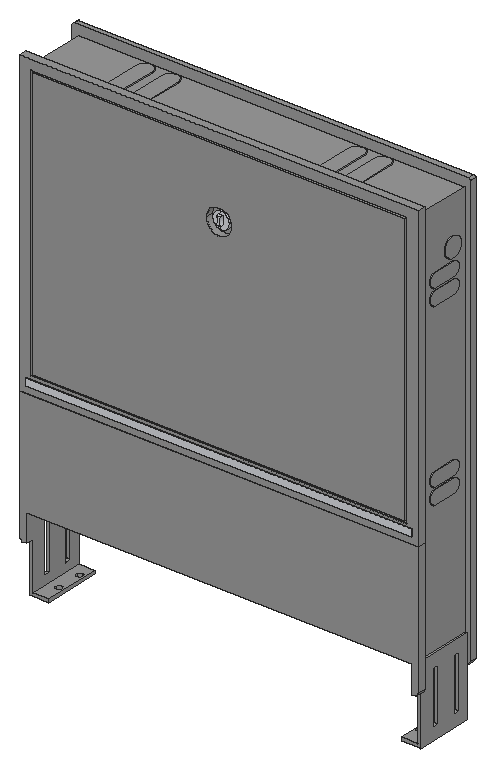
Revit family "PA_Viega-Fonterra-Concealed-manifold-cabinet-595x750_PC692186", category Pipe Accessories, Revit 2016
Family settings
  Part Type = Normal
  Round Connector Dimension = Use Diameter
  Work Plane-Based = No
  Always vertical = Yes
  Cut with Voids When Loaded = No
  Shared = No
Parameters (values of type "PA_692186-Viega Fonterra Concealed manifold cabinet")
  URL for TCP = "http://www.tcpbim.co.za"
  URL = "http://www.viega.com/catalog/en_COM/R1_Fonterra_radiant_heating_and_cooling/Manifolds_regulators/Manifold_cabinets/Fonterra_Concealed_manifold_cabinet_2/20363.html"
  Type Comments = "692 186"
  Model = "1294.3"
  Manufacturer = "Viega"
  Made by = "Tolani Civil Projects cc"
  Description = "Fonterra Concealed manifold cabinet"
Reference planes
  plane 1 "Center (Front/Back)": y = 0
  plane 2: z = 0
  plane 3 "Center (Left/Right)": x = 0
  plane 4: x = 287.5
  plane 5: x = -287.5
  plane 6: z = 750
  plane 7: z = 120
  plane 8: x = -297.5
  plane 9: x = 297.5
  plane 10: y = 55
  plane 11: y = -55
  plane 12: z = 285.73
  plane 13: z = 735.73
Forms (mm)
  Extrusion 1, solid, material "Zinc"
    sketch origin (0, 0, 0) x (1, 0, 0) y (0, 0, 1)
      loop
        line (-307.5, 750) -> (-307.5, 285.73) -> (307.5, 285.73) -> (307.5, 750) -> (-307.5, 750)
    from 43.644 to 55
  Extrusion 2, void
    sketch origin (0, 0, 20) x (1, 0, 0) y (0, 0, 1)
      loop
        line (-291.25, 715) -> (-291.25, 291.412) -> (290, 291.412) -> (290, 715) -> (-291.25, 715)
      loop
        line (-287.562, 711.057) -> (-287.562, 294.405) -> (286.734, 294.405) -> (286.734, 711.057) -> (-287.562, 711.057)
    from 46.424 to 57.257
  Extrusion 3, void
    sketch origin (0, 0, -45) x (1, 0, 0) y (0, 0, 1)
      loop
        circle (0, 671.736) r 20
    from 36.009 to 57.923
  Extrusion 4, solid
    sketch origin (0, 0, -44.375) x (1, 0, 0) y (0, 0, 1)
      loop
        circle (-0.23, 670.988) r 12.481
    from 36.009 to 50.983
  Extrusion 5, solid
    sketch origin (0, 0, -44.375) x (1, 0, 0) y (0, 0, 1)
      loop
        arc (-3.348, 679.136) -> (-1.458, 672.649) -> (-3.348, 666.162) r 12.079
        line (-3.348, 666.162) -> (2.966, 666.162)
        arc (2.966, 666.162) -> (1.411, 672.649) -> (2.966, 679.136) r 14.31
        line (2.966, 679.136) -> (-3.348, 679.136)
    from 46.424 to 56.294
  Extrusion 6, solid, material "Zinc"
    sketch origin (0, 0, 0) x (1, 0, 0) y (0, 0, 1)
      loop
        line (-297.5, 285.73) -> (-297.5, 120) -> (297.5, 120) -> (297.5, 285.73) -> (-297.5, 285.73)
    from -55 to 55
  Extrusion 7, solid, material "Zinc"
    sketch origin (0, 0, 0) x (0, 1, 0) y (0, 0, 1)
      loop
        line (55, 735.73) -> (-43.644, 735.73) -> (-43.644, 285.73) -> (55, 285.73) -> (55, 735.73)
    from -297.5 to 297.5
  Extrusion 8, solid, material "Zinc"
    sketch origin (0, 0, 0) x (1, 0, 0) y (0, 0, 1)
      loop
        line (307.5, 735.73) -> (307.5, 747.292)
        arc (307.5, 747.292) -> (306.336, 749.102) -> (304.381, 750) r 3.834
        line (304.381, 750) -> (-304.303, 750)
        arc (-304.303, 750) -> (-306.378, 748.994) -> (-307.5, 746.979) r 3.834
        line (-307.5, 746.979) -> (-307.5, 735.73) -> (307.5, 735.73)
    from -55 to -45.793
  Extrusion 9, solid, material "Zinc"
    sketch origin (52.5, 0, 0) x (1, 0, 0) y (0, 0, 1)
      loop
        line (245, 78.01) -> (251.499, 78.01)
        arc (251.499, 78.01) -> (253.644, 80.233) -> (255, 83.01) r 9.909
        line (255, 83.01) -> (255, 735.73) -> (245, 735.73) -> (245, 78.01)
    from -55 to -45.793
  Extrusion 10, solid, material "Zinc"
    sketch origin (-47.5, 0, 0) x (-1, 0, 0) y (0, 0, -1)
      loop
        line (250, -78.01) -> (250, -735.73) -> (260, -735.73) -> (260, -83.426)
        arc (260, -83.426) -> (258.912, -80.444) -> (256.873, -78.01) r 9.185
        line (256.873, -78.01) -> (250, -78.01)
    from -55 to -45.793
  Extrusion 11, solid, material "Zinc"
    sketch origin (0, 0, 0) x (1, 0, 0) y (0, 0, 1)
      loop
        line (-307.5, 285.73) -> (-307.5, 120) -> (307.5, 120) -> (307.5, 285.73) -> (-307.5, 285.73)
    from 43.644 to 55
  Extrusion 12, solid
    sketch origin (0, 0, 21.77) x (1, 0, 0) y (0, 0, 1)
      loop
        line (-297.5, 285.73) -> (-297.5, 274.613) -> (297.5, 274.613) -> (297.5, 285.73) -> (-297.5, 285.73)
    from 43.644 to 55.648
  Extrusion 13, solid, material "Zinc"
    sketch origin (0, 0, 0) x (1, 0, 0) y (0, 0, 1)
      loop
        line (-302.068, 140.448) -> (-302.068, 0) -> (-297.5, 0) -> (-272.007, 0) -> (-272.007, 4.953) -> (-297.5, 4.953) -> (-297.5, 140.448) -> (-302.068, 140.448)
      loop
        line (302.068, 120) -> (297.5, 120) -> (297.5, 4.953) -> (272.256, 4.953) -> (272.256, 0) -> (297.5, 0) -> (302.068, 0) -> (302.068, 120)
    from -45.793 to 43.644
  Extrusion 14, void
    sketch origin (0, 0, 0.617) x (0, 1, 0) y (0, 0, 1)
      loop
        line (29.155, 19.154) -> (29.155, 99.154)
        arc (29.155, 99.154) -> (24.155, 100.804) -> (19.155, 99.154) r 8.4
        line (19.155, 99.154) -> (19.155, 19.154)
        arc (19.155, 19.154) -> (24.155, 17.496) -> (29.155, 19.154) r 8.369
      loop
        line (-10.845, 19.154) -> (-10.845, 99.154)
        arc (-10.845, 99.154) -> (-15.845, 100.804) -> (-20.845, 99.154) r 8.4
        line (-20.845, 99.154) -> (-20.845, 19.154)
        arc (-20.845, 19.154) -> (-15.845, 17.496) -> (-10.845, 19.154) r 8.369
    from 292.523 to 306.086
  Extrusion 15, void
    sketch origin (-53.125, 0, 0) x (0, 1, 0) y (0, 0, -1)
      loop
        arc (29.155, -19.154) -> (24.155, -17.496) -> (19.155, -19.154) r 8.369
        line (19.155, -19.154) -> (19.155, -99.154)
        arc (19.155, -99.154) -> (24.155, -100.804) -> (29.155, -99.154) r 8.4
        line (29.155, -99.154) -> (29.155, -19.154)
      loop
        arc (-10.845, -19.154) -> (-15.845, -17.496) -> (-20.845, -19.154) r 8.369
        line (-20.845, -19.154) -> (-20.845, -99.154)
        arc (-20.845, -99.154) -> (-15.845, -100.804) -> (-10.845, -99.154) r 8.4
        line (-10.845, -99.154) -> (-10.845, -19.154)
    from 243.681 to 250
  Extrusion 16, void
    sketch origin (39.102, 0, 0) x (1, 0, 0) y (0, 1, 0)
      loop
        circle (-318.209, 24.375) r 5
      loop
        circle (-318.209, -15.425) r 5
      loop
        circle (239.459, 24.375) r 5
      loop
        circle (239.459, -15.425) r 5
    from -3.721 to 10.459
  Extrusion 17, solid, material "Zinc"
    sketch origin (0, 7.5, 0) x (0, 1, 0) y (0, 0, 1)
      loop
        line (16.588, 343.301) -> (-24.686, 343.301)
        arc (-24.686, 343.301) -> (-30.063, 333.301) -> (-24.686, 323.301) r 11.987
        line (-24.686, 323.301) -> (16.588, 323.301)
        arc (16.588, 323.301) -> (24.743, 333.301) -> (16.588, 343.301) r 10.209
      loop
        line (16.588, 368.301) -> (-24.686, 368.301)
        arc (-24.686, 368.301) -> (-30.063, 358.301) -> (-24.686, 348.301) r 11.987
        line (-24.686, 348.301) -> (16.588, 348.301)
        arc (16.588, 348.301) -> (24.743, 358.301) -> (16.588, 368.301) r 10.209
    from 241.734 to 300.394
  Extrusion 18, solid, material "Zinc"
    sketch origin (0, 7.5, 275) x (0, 1, 0) y (0, 0, 1)
      loop
        line (16.588, 343.301) -> (-24.686, 343.301)
        arc (-24.686, 343.301) -> (-30.063, 333.301) -> (-24.686, 323.301) r 11.987
        line (-24.686, 323.301) -> (16.588, 323.301)
        arc (16.588, 323.301) -> (24.743, 333.301) -> (16.588, 343.301) r 10.209
      loop
        line (16.588, 368.301) -> (-24.686, 368.301)
        arc (-24.686, 368.301) -> (-30.063, 358.301) -> (-24.686, 348.301) r 11.987
        line (-24.686, 348.301) -> (16.588, 348.301)
        arc (16.588, 348.301) -> (24.743, 358.301) -> (16.588, 368.301) r 10.209
    from 241.734 to 300.394
  Extrusion 19, solid, material "Zinc"
    sketch origin (0, 0, 0) x (1, 0, 0) y (0, 1, 0)
      loop
        arc (-195.98, -25.317) -> (-183.48, -34.874) -> (-170.98, -25.317) r 12.953
        line (-170.98, -25.317) -> (-170.98, 29.683)
        arc (-170.98, 29.683) -> (-183.48, 42.183) -> (-195.98, 29.683) r 12.5
        line (-195.98, 29.683) -> (-195.98, -25.317)
      loop
        arc (-155.98, -25.317) -> (-143.48, -34.874) -> (-130.98, -25.317) r 12.953
        line (-130.98, -25.317) -> (-130.98, 29.683)
        arc (-130.98, 29.683) -> (-143.48, 42.183) -> (-155.98, 29.683) r 12.5
        line (-155.98, 29.683) -> (-155.98, -25.317)
      loop
        line (195.98, -25.317) -> (195.98, 29.683)
        arc (195.98, 29.683) -> (183.48, 42.183) -> (170.98, 29.683) r 12.5
        line (170.98, 29.683) -> (170.98, -25.317)
        arc (170.98, -25.317) -> (183.48, -34.874) -> (195.98, -25.317) r 12.953
      loop
        line (155.98, -25.317) -> (155.98, 29.683)
        arc (155.98, 29.683) -> (143.48, 42.183) -> (130.98, 29.683) r 12.5
        line (130.98, 29.683) -> (130.98, -25.317)
        arc (130.98, -25.317) -> (143.48, -34.874) -> (155.98, -25.317) r 12.953
    from 731.057 to 736.941
  Extrusion 20, solid, material "Zinc"
    sketch origin (0, 7.5, 0) x (0, 1, 0) y (0, 0, -1)
      loop
        arc (16.588, -343.301) -> (24.743, -333.301) -> (16.588, -323.301) r 10.209
        line (16.588, -323.301) -> (-24.686, -323.301)
        arc (-24.686, -323.301) -> (-30.063, -333.301) -> (-24.686, -343.301) r 11.987
        line (-24.686, -343.301) -> (16.588, -343.301)
      loop
        arc (16.588, -368.301) -> (24.743, -358.301) -> (16.588, -348.301) r 10.209
        line (16.588, -348.301) -> (-24.686, -348.301)
        arc (-24.686, -348.301) -> (-30.063, -358.301) -> (-24.686, -368.301) r 11.987
        line (-24.686, -368.301) -> (16.588, -368.301)
    from 279.092 to 299.257
  Extrusion 21, solid, material "Zinc"
    sketch origin (0, 7.5, 275) x (0, 1, 0) y (0, 0, -1)
      loop
        arc (16.588, -343.301) -> (24.743, -333.301) -> (16.588, -323.301) r 10.209
        line (16.588, -323.301) -> (-24.686, -323.301)
        arc (-24.686, -323.301) -> (-30.063, -333.301) -> (-24.686, -343.301) r 11.987
        line (-24.686, -343.301) -> (16.588, -343.301)
      loop
        arc (16.588, -368.301) -> (24.743, -358.301) -> (16.588, -348.301) r 10.209
        line (16.588, -348.301) -> (-24.686, -348.301)
        arc (-24.686, -348.301) -> (-30.063, -358.301) -> (-24.686, -368.301) r 11.987
        line (-24.686, -368.301) -> (16.588, -368.301)
    from 279.092 to 299.257
  Extrusion 22, solid, material "Zinc"
    sketch origin (0, 0, 0) x (0, 1, 0) y (0, 0, 1)
      loop
        circle (20.825, 663.875) r 15
    from -299.257 to 300.394
  Extrusion 23, solid, material "Zinc"
    sketch origin (52.5, 0, 0) x (1, 0, 0) y (0, 0, 1)
      loop
        line (245, 120) -> (245, 77.951) -> (251.421, 77.951)
        arc (251.421, 77.951) -> (253.616, 80.194) -> (255, 83.01) r 9.909
        line (255, 83.01) -> (255, 120) -> (245, 120)
    from 43.644 to 55
  Extrusion 24, solid, material "Zinc"
    sketch origin (-52.5, 0, 0) x (1, 0, 0) y (0, 0, 1)
      loop
        line (-255, 120) -> (-255, 83.426)
        arc (-255, 83.426) -> (-253.912, 80.444) -> (-251.873, 78.01) r 9.185
        line (-251.873, 78.01) -> (-245, 78.01) -> (-245, 120) -> (-255, 120)
    from 43.644 to 55
Cuts and joins
  joined: Extrusion 4, Extrusion 5, Extrusion 12
  Extrusion 14, Extrusion 15, Extrusion 16 cuts Extrusion 13
  joined: Extrusion 6, Extrusion 7, Extrusion 8, Extrusion 9, Extrusion 10, Extrusion 11, Extrusion 13, Extrusion 17, Extrusion 18, Extrusion 19, Extrusion 20, Extrusion 21, Extrusion 22, Extrusion 23, Extrusion 24
  Extrusion 2, Extrusion 3 cuts Extrusion 1
Dimensions and locks
  locked: plane 6 to level at 750
  locked: plane 6 to plane 7 at 630
  locked: plane 10 to plane 11 at 110
  locked: plane 13 to plane 12 at 450
  plane 7 to Extrusion 6 = 165.73 mm
  locked: plane 4 to plane 5 at 575
  locked: plane 9 to plane 8 at 595
  aligned and locked: level to plane 2
  aligned and locked: plane 12 to Extrusion 1 sketch curve
  aligned and locked: plane 11 to Extrusion 6
  aligned and locked: Extrusion 10 to Extrusion 8
  aligned and locked: Extrusion 13 to Extrusion 9
  aligned and locked: Extrusion 13 to Extrusion 12
  aligned and locked: Extrusion 24 to cut or joined group of Extrusion 6, Extrusion 7, Extrusion 8, Extrusion 9, Extrusion 10, Extrusion 11, Extrusion 13, Extrusion 14, Extrusion 15, Extrusion 16, Extrusion 17, Extrusion 18, Extrusion 19, Extrusion 20, Extrusion 21, Extrusion 22, Extrusion 23, Extrusion 24
  aligned and locked: Extrusion 21 to Extrusion 20
  aligned and locked: Extrusion 12 to plane 8
